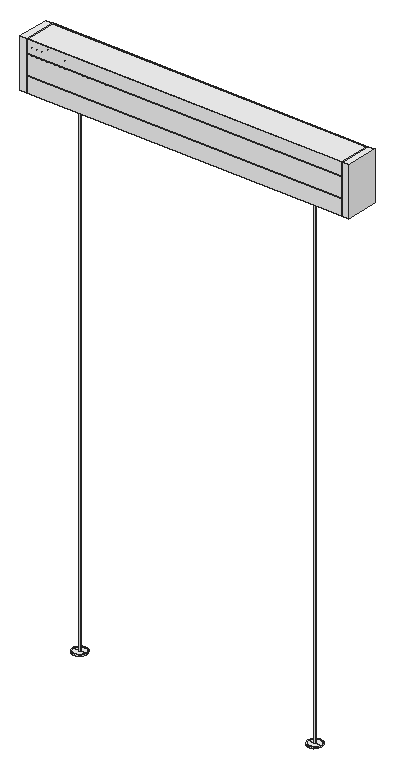
Revit family "2.3 inch  MAGIC WALL WASH LINEAR LIGHT", category Lighting Fixtures, host Face, Revit 2020 (continued)
Types (17): name | Wattage Comments | Wattage | Wall Mount | Suspenders Distance | Surface Mount | Recessed Mount | Photometric Web File | Pendent Mount | Order number | built-in parameter 1150142 | Model | built-in parameter 1150105 | Lumens | Light Source Height | Light Source Distance | built-in parameter 1150106 | Fixture Length
        4.58     4.56     4.55     4.53     4.51     \r\n 4.49     4.47     4.46     4.45     4.43     4.41     4.38     4.36     4.34     4.32     \r\n 4.30     4.27     4.24     4.22     4.21     4.19     4.16     4.12     4.08     4.05     \r\n 4.26     \r\n1793.11  1778.94  1764.79  1749.53  1734.21  1719.02  1703.85  1688.51  1673.16  1657.68  \r\n 1642.14  1625.83  1609.13  1591.99  1574.54  1556.74  1538.60  1520.33  1501.89  1483.16  \r\n 1463.91  1444.87  1426.30  1407.48  1387.76  1368.04  1348.20  1328.38  1308.67  1288.97  \r\n 1270.01  1251.06  1231.96  1212.86  1195.48  1178.41  1160.24  1141.75  1124.66  1108.20  \r\n 1092.04  1076.07  1060.60  1045.61  1030.83  1016.29  1002.05  988.38   974.68   960.87   \r\n 947.26   934.43   921.66   909.23   896.81   885.04   873.28   861.67   850.09   839.16   \r\n 828.35   817.59   806.89   796.60   786.54   776.35   766.05   756.13   746.69   737.26   \r\n 727.85   718.51   709.34   700.24   691.46   682.69   673.85   665.03   656.43   647.87   \r\n 639.68   631.59   623.51   615.46   607.43   599.41   591.38   583.31   575.45   568.07   \r\n 560.69   553.20   545.70   537.24   528.80   520.55   512.34   504.08   495.81   487.75   \r\n 479.84   471.96   464.07   456.23   448.51   440.82   433.37   425.95   418.49   411.05   \r\n 403.73   396.48   389.29   382.17   375.13   368.29   361.49   354.46   347.48   340.72   \r\n 334.05   327.41   320.80   314.23   307.82   301.46   295.19   288.98   282.71   276.39   \r\n 270.21   264.40   258.40   251.69   245.00   238.45   232.05   225.71   219.41   213.16   \r\n 207.03   201.04   195.11   189.28   183.51   177.84   172.28   166.79   161.37   156.03   \r\n 150.76   145.66   139.97   134.37   128.81   123.33   117.95   112.67   107.51   102.43   \r\n 97.45    92.58    87.81    83.14    78.42    73.76    69.19    64.69    60.26    55.91    \r\n 51.62    47.39    43.21    39.33    35.50    31.71    27.93    24.18    20.44    16.71    \r\n 12.98    11.38    9.78     8.19     6.61     5.04     3.50     1.97     0.57     0.58     \r\n 0.60     0.62     0.63     0.65     0.67     0.69     0.72     0.74     0.76     0.79     \r\n 0.82     0.84     0.88     0.91     0.94     0.98     1.01     1.04     1.07     1.11     \r\n 1.15     1.19     1.23     1.28     1.33     1.37     1.42     1.46     1.50     1.54     \r\n 1.58     1.63     1.68     1.72     1.78     1.83     1.88     1.93     1.98     2.02     \r\n 2.06     2.11     2.16     2.20     2.25     2.30     2.34     2.39     2.44     2.48     \r\n 2.53     2.58     2.63     2.68     2.72     2.77     2.82     2.87     2.91     2.96     \r\n 3.02     3.07     3.12     3.17     3.21     3.26     3.31     3.35     3.40     3.44     \r\n 3.49     3.54     3.59     3.63     3.68     3.74     3.79     3.82     3.85     3.89     \r\n 3.94     3.97     3.99     4.02     4.05     4.09     4.12     4.15     4.19     4.22     \r\n 4.25     4.29     4.32     4.34     4.37     4.39     4.41     4.44     4.46     4.48     \r\n 4.50     4.52     4.54     4.56     4.58     4.60     4.62     4.63     4.64     4.66     \r\n 4.68     4.69     4.70     4.70     4.70     4.71     4.71     4.72     4.72     4.73     \r\n 4.73     4.73     4.73     4.73     4.74     4.74     4.74     4.74     4.74     4.74     \r\n 4.74     4.73     4.72     4.71     4.71     4.71     4.70     4.69     4.69     4.68     \r\n 4.66     4.64     4.63     4.62     4.60     4.59     4.58     4.56     4.54     4.53     \r\n 4.51     4.48     4.47     4.46     4.44     4.42     4.39     4.37     4.35     4.33     \r\n 4.31     4.28     4.25     4.23     4.21     4.19     4.17     4.13     4.09     4.05     \r\n 4.26     \r\n1793.11  1778.79  1764.48  1748.99  1733.48  1718.12  1702.77  1687.21  1671.64  1655.94  \r\n 1640.22  1623.42  1606.45  1588.81  1571.04  1552.71  1534.24  1515.51  1496.70  1477.24  \r\n 1457.54  1438.41  1419.51  1399.76  1379.57  1359.34  1339.08  1318.92  1298.84  1279.17  \r\n 1259.83  1240.37  1220.83  1202.40  1185.10  1166.99  1147.96  1129.88  1113.07  1096.49  \r\n 1080.26  1064.31  1048.87  1033.67  1018.94  1004.41  990.39   976.34   962.21   948.29   \r\n 935.13   922.07   909.45   896.90   884.83   872.77   860.86   849.01   838.04   827.07   \r\n 815.85   804.66   794.33   784.02   773.60   763.16   753.32   743.57   733.93   724.31   \r\n 714.77   705.25   696.06   686.99   677.86   668.70   659.70   650.79   642.23   633.90   \r\n 625.50   617.04   608.68   600.40   592.14   583.89   575.76   567.85   559.98   552.16   \r\n 544.36   536.61   528.91   521.37   513.84   506.29   498.77   491.48   484.20   476.87   \r\n 469.56   462.39   455.25   448.40   441.60   434.68   427.76   420.94   414.17   407.48   \r\n 400.84   394.34   387.98   381.51   374.88   367.60   360.47   353.38   346.42   339.45   \r\n 332.43   325.45   318.59   311.77   304.86   297.95   291.42   285.04   278.38   271.54   \r\n 264.77   258.10   251.54   245.20   238.92   232.91   226.93   220.94   215.00   209.19   \r\n 203.46   197.81   192.23   186.68   181.05   175.47   170.17   164.64   158.88   153.25   \r\n 147.64   141.65   135.82   130.40   125.23   120.20   115.39   110.66   106.02   101.47   \r\n 97.03    92.16    87.17    82.29    77.58    72.99    68.50    64.13    59.92    55.73    \r\n 51.53    47.41    43.37    39.41    35.53    31.74    28.03    24.35    20.70    17.07    \r\n 13.45    11.02    8.59     6.19     3.81     1.48     0.70     0.66     0.63     0.61     \r\n 0.60     0.60     0.61     0.63     0.65     0.67     0.69     0.72     0.75     0.78     \r\n 0.81     0.83     0.86     0.90     0.94     0.97     1.01     1.05     1.09     1.13     \r\n 1.17     1.22     1.26     1.31     1.34     1.38     1.42     1.46     1.50     1.53     \r\n 1.58     1.62     1.66     1.70     1.75     1.79     1.84     1.88     1.92     1.96     \r\n 2.01     2.06     2.12     2.17     2.21     2.26     2.31     2.36     2.41     2.46     \r\n 2.51     2.56     2.61     2.66     2.71     2.76     2.82     2.87     2.92     2.96     \r\n 3.00     3.05     3.10     3.15     3.20     3.25     3.30     3.35     3.39     3.43     \r\n 3.48     3.52     3.56     3.61     3.65     3.70     3.74     3.79     3.84     3.87     \r\n 3.90     3.94     3.98     4.02     4.05     4.08     4.11     4.14     4.18     4.21     \r\n 4.25     4.28     4.31     4.34     4.37     4.40     4.42     4.44     4.47     4.49     \r\n 4.51     4.53     4.55     4.57     4.59     4.61     4.63     4.65     4.66     4.67     \r\n 4.69     4.70     4.72     4.73     4.73     4.73     4.73     4.74     4.74     4.74     \r\n 4.74     4.75     4.75     4.75     4.75     4.75     4.75     4.75     4.75     4.75     \r\n 4.75     4.75     4.74     4.73     4.72     4.72     4.71     4.70     4.69     4.69     \r\n 4.68     4.66     4.64     4.63     4.61     4.60     4.59     4.57     4.56     4.54     \r\n 4.52     4.49     4.47     4.46     4.45     4.43     4.40     4.38     4.35     4.34     \r\n 4.31     4.28     4.25     4.23     4.21     4.19     4.17     4.13     4.09     4.06     \r\n 4.26     \r\n1793.11  1778.75  1764.39  1748.81  1733.22  1717.81  1702.40  1686.73  1671.06  1655.28  \r\n 1639.50  1622.43  1605.31  1587.37  1569.41  1550.78  1532.12  1513.09  1494.05  1474.11  \r\n 1454.13  1434.99  1415.92  1395.53  1375.03  1354.50  1333.98  1313.66  1293.36  1273.70  \r\n 1254.13  1234.32  1214.49  1196.81  1179.42  1160.27  1140.87  1123.50  1106.47  1090.03  \r\n 1073.70  1057.85  1042.11  1027.17  1012.38  998.03   983.79   969.47   955.14   941.59   \r\n 928.23   915.40   902.70   890.35   878.09   865.94   853.82   842.55   831.53   820.09   \r\n 808.51   797.78   787.34   776.89   766.42   756.32   746.35   736.56   726.84   717.09   \r\n 707.31   697.89   688.63   679.29   669.92   660.69   651.54   642.85   634.39   625.74   \r\n 616.99   608.45   600.03   591.68   583.36   575.03   566.69   558.54   550.51   542.49   \r\n 534.47   526.57   518.77   511.01   503.28   495.66   488.12   480.52   472.86   465.30   \r\n 457.86   450.62   443.61   436.45   429.13   421.94   414.93   407.90   400.86   393.89   \r\n 387.02   380.18   373.38   366.56   359.71   352.99   346.56   340.07   333.47   326.91   \r\n 320.48   314.02   307.45   301.00   294.99   288.89   282.34   275.81   269.37   262.94   \r\n 256.74   250.56   244.73   238.92   233.03   227.15   221.38   215.65   210.06   204.50   \r\n 198.95   193.40   188.07   182.81   177.54   171.60   165.67   159.71   153.93   148.32   \r\n 142.77   137.33   131.92   126.53   121.22   116.07   110.97   106.05   101.19   96.43    \r\n 91.76    87.27    82.92    78.59    74.06    69.65    65.48    61.47    57.66    54.06    \r\n 50.65    46.54    42.58    38.80    35.23    31.55    27.94    24.46    20.92    17.37    \r\n 13.85    9.83     5.83     2.82     1.87     1.07     0.55     0.53     0.53     0.53     \r\n 0.54     0.57     0.61     0.64     0.66     0.69     0.72     0.75     0.78     0.80     \r\n 0.82     0.85     0.88     0.91     0.94     0.97     1.01     1.04     1.07     1.11     \r\n 1.14     1.18     1.22     1.26     1.30     1.34     1.38     1.42     1.46     1.50     \r\n 1.54     1.58     1.63     1.67     1.71     1.76     1.81     1.86     1.91     1.96     \r\n 2.00     2.05     2.09     2.14     2.20     2.26     2.30     2.34     2.39     2.44     \r\n 2.49     2.54     2.59     2.64     2.69     2.74     2.79     2.84     2.89     2.94     \r\n 2.99     3.04     3.09     3.13     3.18     3.24     3.28     3.33     3.38     3.43     \r\n 3.48     3.52     3.57     3.61     3.65     3.69     3.74     3.78     3.83     3.87     \r\n 3.91     3.95     3.98     4.02     4.06     4.09     4.13     4.16     4.20     4.23     \r\n 4.26     4.30     4.33     4.36     4.39     4.42     4.44     4.46     4.49     4.51     \r\n 4.54     4.56     4.58     4.60     4.62     4.63     4.65     4.67     4.69     4.70     \r\n 4.71     4.73     4.74     4.75     4.75     4.75     4.76     4.76     4.76     4.76     \r\n 4.76     4.76     4.76     4.76     4.76     4.76     4.76     4.76     4.76     4.76     \r\n 4.76     4.76     4.75     4.74     4.72     4.72     4.72     4.71     4.70     4.70     \r\n 4.69     4.67     4.65     4.63     4.62     4.61     4.59     4.58     4.56     4.54     \r\n 4.52     4.50     4.48     4.47     4.45     4.43     4.41     4.38     4.36     4.34     \r\n 4.32     4.29     4.26     4.23     4.21     4.20     4.18     4.13     4.09     4.06     \r\n 4.26     \r\n1793.11  1778.82  1764.52  1748.98  1733.44  1718.09  1702.74  1687.08  1671.43  1655.71  \r\n 1640.00  1622.86  1605.72  1587.71  1569.69  1550.97  1532.26  1513.13  1494.00  1473.87  \r\n 1453.74  1434.65  1415.56  1394.90  1374.23  1353.61  1332.98  1312.63  1292.29  1272.63  \r\n 1252.98  1233.03  1213.08  1195.75  1178.42  1158.79  1139.16  1122.07  1104.97  1088.66  \r\n 1072.36  1056.44  1040.52  1025.81  1011.09  996.75   982.40   968.00   953.61   940.16   \r\n 926.71   914.06   901.41   889.08   876.75   864.55   852.34   841.38   830.43   818.59   \r\n 806.75   796.28   785.82   775.44   765.06   754.99   744.92   735.21   725.49   715.58   \r\n 705.67   696.32   686.96   677.49   668.01   658.74   649.47   640.99   632.51   623.58   \r\n 614.65   606.20   597.75   589.48   581.21   572.56   563.91   555.80   547.68   539.52   \r\n 531.35   523.39   515.44   507.66   499.88   492.23   484.58   476.70   468.83   461.22   \r\n 453.62   446.53   439.44   431.88   424.31   417.20   410.09   402.80   395.52   388.31   \r\n 381.10   374.29   367.49   360.21   352.92   346.30   339.68   332.80   325.93   319.26   \r\n 312.59   305.71   298.83   292.51   286.20   279.53   272.87   266.53   260.19   253.73   \r\n 247.26   240.90   234.54   228.36   222.18   215.87   209.56   203.59   197.61   191.66   \r\n 185.71   179.79   173.87   168.04   162.20   156.22   150.24   144.25   138.26   132.81   \r\n 127.35   122.07   116.79   111.52   106.24   101.10   95.95    90.98    86.02    81.22    \r\n 76.43    71.74    67.04    62.60    58.15    53.82    49.49    45.36    41.24    37.27    \r\n 33.30    29.51    25.71    22.14    18.57    15.17    11.76    8.37     4.98     3.16     \r\n 1.34     1.54     1.34     1.34     1.34     1.35     1.35     1.36     1.37     1.39     \r\n 1.41     1.43     1.46     1.48     1.51     1.54     1.58     1.60     1.63     1.66     \r\n 1.70     1.73     1.76     1.79     1.83     1.87     1.91     1.95     1.99     2.03     \r\n 2.07     2.12     2.16     2.21     2.26     2.30     2.35     2.40     2.44     2.50     \r\n 2.55     2.60     2.64     2.70     2.76     2.81     2.87     2.92     2.97     3.02     \r\n 3.08     3.14     3.19     3.25     3.30     3.36     3.41     3.47     3.53     3.58     \r\n 3.63     3.70     3.76     3.81     3.86     3.91     3.97     4.02     4.08     4.13     \r\n 4.19     4.24     4.30     4.35     4.41     4.46     4.52     4.57     4.62     4.68     \r\n 4.73     4.78     4.83     4.88     4.93     4.97     5.02     5.07     5.11     5.16     \r\n 5.21     5.25     5.29     5.33     5.37     5.41     5.45     5.49     5.53     5.56     \r\n 5.59     5.63     5.67     5.70     5.73     5.76     5.78     5.81     5.84     5.85     \r\n 5.87     5.88     5.90     5.90     5.90     5.90     5.90     5.90     5.90     5.90     \r\n 5.90     5.90     5.90     5.90     5.90     5.90     5.90     5.90     5.90     5.89     \r\n 5.89     5.89     5.89     5.89     5.90     5.87     5.85     5.84     5.83     5.80     \r\n 5.76     5.75     5.73     5.69     5.66     5.62     5.59     5.56     5.54     5.51     \r\n 5.47     5.44     5.41     5.36     5.31     5.27     5.24     5.20     5.16     5.13     \r\n 5.09     5.06     5.02     4.98     4.94     4.91     4.87     4.83     4.79     4.75     \r\n 4.70     4.66     4.62     4.58     4.54     4.50     4.47     4.42     4.38     4.32     \r\n 4.26     \r\n1793.11  1778.61  1764.11  1748.38  1732.64  1717.09  1701.55  1685.69  1669.83  1653.89  \r\n 1637.95  1620.68  1603.35  1585.22  1567.06  1548.23  1529.36  1510.11  1490.84  1470.63  \r\n 1450.36  1430.99  1411.69  1391.05  1370.30  1349.57  1328.85  1308.43  1288.05  1268.27  \r\n 1248.56  1228.63  1208.68  1190.93  1173.50  1154.31  1134.88  1117.42  1100.29  1083.85  \r\n 1067.54  1051.63  1035.81  1020.89  1006.16  991.70   977.29   962.94   948.61   935.07   \r\n 921.74   908.96   896.33   883.95   871.64   859.45   847.31   835.97   824.88   813.40   \r\n 801.81   791.02   780.50   770.06   759.65   749.52   739.50   729.65   719.87   710.09   \r\n 700.31   690.82   681.45   672.09   662.75   653.44   644.13   635.35   626.83   618.09   \r\n 609.23   600.62   592.16   583.82   575.55   567.07   558.45   550.16   542.08   534.02   \r\n 525.98   518.00   510.08   502.24   494.47   486.77   479.14   471.47   463.77   456.08   \r\n 448.38   441.05   434.12   426.95   419.48   412.15   404.99   397.84   390.71   383.59   \r\n 376.48   369.47   362.62   355.75   348.84   342.02   335.35   328.66   321.96   315.30   \r\n 308.75   302.12   295.20   288.32   281.61   274.93   268.45   262.01   255.79   249.56   \r\n 243.19   236.85   230.75   224.66   218.57   212.47   206.42   200.37   194.49   188.64   \r\n 182.84   177.07   171.36   165.69   160.07   154.13   148.28   142.50   136.77   131.08   \r\n 125.49   120.03   114.58   109.16   103.80   98.61    93.45    88.41    83.42    78.58    \r\n 73.81    69.19    64.68    60.17    55.35    50.60    46.06    41.60    37.26    33.05    \r\n 28.95    24.01    19.06    14.12    9.32     6.94     5.58     4.51     4.32     4.48     \r\n 4.64     4.77     4.89     5.01     5.13     5.24     5.31     5.30     5.28     5.26     \r\n 5.24     5.20     5.16     5.13     5.09     5.05     5.01     4.98     4.79     4.58     \r\n 4.39     4.21     4.04     3.89     3.75     3.61     3.48     3.37     3.26     3.16     \r\n 3.06     2.98     2.90     2.82     2.76     2.70     2.64     2.63     2.63     2.64     \r\n 2.67     2.69     2.70     2.71     2.75     2.78     2.81     2.83     2.87     2.90     \r\n 2.95     3.00     3.04     3.08     3.13     3.18     3.23     3.28     3.35     3.41     \r\n 3.46     3.51     3.56     3.61     3.68     3.75     3.80     3.85     3.90     3.
